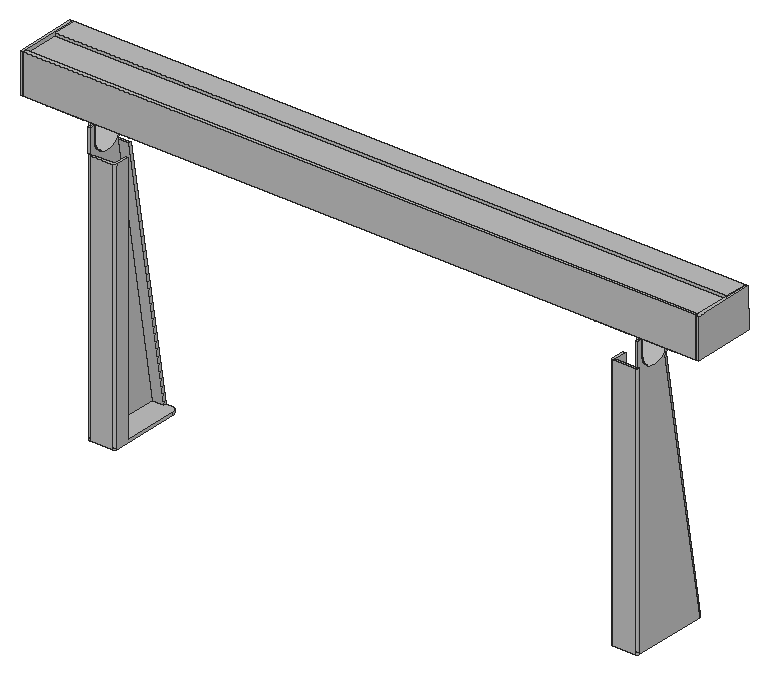
Revit family "4070751+4070747+4070772 Feilo Sylvania Lighting Fixtures CURSUS 591MM 414LM OVAL LED 3K with SINGLE WALL HOUSING with 250MM WALL BRACKET", category Lighting Fixtures, host Face, Revit 2017
Family settings
  Host = Face
  Round Connector Dimension = Use Diameter
  Part Type = Normal
  OmniClass Number = 23.80.70.14
  OmniClass Title = Luminaries for External Lighting
  Cut with Voids When Loaded = Yes
  Light Source = No
  Shared = No
  Room Calculation Point = No
Parameters (values of type "4070751 CURSUS 591MM 414LM OVAL LED 3K")
  Weight = "1.2 kg"
  Wattage Comments = "n/a"
  WarrantyStartDate [instance] = "n/a"
  WarrantyGuarantorParts = "n/a"
  WarrantyDurationUnit = "n/a"
  WarrantyDurationParts = "n/a"
  WarrantyDescription = "n/a"
  Voltage = 24 V
  URL = "http://www.sylvania-lighting.com"
  TypeName = "CURSUS 591MM 414LM OVAL LED 3K"
  TypeFixture_FEILO = CURSUS with SINGLE WALL HOUSING : CURSUS 591MM 414LM OVAL LED 3K
  Type Image = <None>
  Type Comments = "n/a"
  TiltAngle [instance] = 0.00°
  StartAngle [instance] = TiltAngle + 270.00°  # 270.00°
  SerialNumber [instance] = "n/a"
  ReflectorMaterial = none
  PowerFactor = 0
  PowerConsumption = "9 W"
  NominalLength = 591 mm
  NominalHeight = 50 mm
  NominalDepth = 30 mm
  Name = "CURSUS 591MM 414LM OVAL LED 3K"
  ModelReference = Name  # "CURSUS 591MM 414LM OVAL LED 3K"
  ModelNumber = "4070751"
  Model = Name  # "CURSUS 591MM 414LM OVAL LED 3K"
  Material = "natural anodised extruded aluminium structure housing, optical system with pmma lenses diffuser"
  ManufacturerName = "Feilo Sylvania"
  Manufacturer = "Feilo Sylvania"
  LuminousEfficacy = "46 lm/W"
  LuminaireType = ""
  LightOutputRatio = "100"
  LampsType = Lamp  # "LED"
  LampNominalLuminous = "414 lm"
  LampMacAdamStep = "n/a"
  LampColourTemperature = "3000 K"
  LampColourRenderingIndex = "80"
  Lamp = "LED"
  Keynote = "16500"
  InstallationDate [instance] = "n/a"
  InputVoltage = "24V DC"
  InputNominalFrequency = "n/a"
  IngressProtection = "IP67"
  ImpactProtectionIndex = "IK07"
  IfcExportType = "IfcLightFixtureType"
  IfcExportAs = "IfcLightFixtureType"
  ExpectedLife = 50000
  EndAngle [instance] = StartAngle - 180.00°  # 90.00°
  ElectricShockClassification = "Class III"
  DurationUnit = "hours"
  DocumentationLiterature = "http://www.sylvania-lighting.com/product/en-int/products/4070751"
  DimmingControlOptions = "n/a"
  DiffuserMaterial = Diffuser-Sylvania-Glow
  Description = "LED Exterior Lighting Recessed Surface Mounted Linear Fixture, Natural anodised extruded aluminium structure. Die-cast aluminium end caps. Installation kit with harmonic steel springs., 414 lm, 9W, 46lm/W, 3000K, CRI80+,non dimmable,IP67, IK07, (HxWxD) 591x50x30mm, 3 step Mac Adam Ellipse, 1.2kg,, Classe III, 21-25V-DC, energy class : A++, A+, A"
  Default Elevation = 1219.2 mm
  CreatedOn = "1/8/2018"
  CreatedBy = ""
  Cost = 0
  built-in parameter 1114216 [instance] = (empty or 0)
  ClassificationValue = "EF_70_80"
  ClassificationName = "Uniclass2015"
  BracketWidth = 24 mm
  BracketThickness = 2 mm
  BracketHeightEnd = 32 mm
  BracketHeight = 70 mm
  BracketFlange = BracketHeight / 5  # 14 mm
  BracketExtension = 250 mm
  BracketEndReduction = 25 mm
  BracketC = 22 mm  # constant formula
  BracketDistance = 460 mm
  BracketD = BracketHeightEnd - (BracketC * (BracketHeight - BracketHeightEnd) / (BracketExtension - BracketEndReduction))  # 28.284 mm
  BodyMaterial = Body-Sylvania-Gray
  BarCode [instance] = "n/a"
  AssetType = "Fixed"
  AssetIdentifier [instance] = "n/a"
  Assembly Code = "D5020200"
  Apparent Load = 9 VA
  AccessoryMaterial = Diffuser-Sylvania-Glow
Reference planes
  plane 1 "Center (Front/Back)": y = 0
  plane 2: z = 0
  plane 3 "Center (Left/Right)": x = 0
  plane 4: x = -242
  plane 5: x = 242
  plane 6: y = 70
  plane 7: x = -218
  plane 8: x = 218
  plane 9: z = 250
  plane 10: z = 236
  plane 11: z = 2
  plane 12: z = 225
  plane 13: x = -240
  plane 14: y = 68
  plane 15: y = 2
  plane 16: x = -220
  plane 17: x = 220
  plane 18: x = 240
  plane 19: x = -230
  plane 20: x = 230
  plane 21: y = 14
  plane 22: y = 32
  plane 23: y = 30
  plane 24: z = 247
  plane 25: y = 28.284
  plane 26: y = 16
Forms (mm)
  Blend 1, solid, material "Body-Sylvania-Gray" <- "BodyMaterial"
    base sketch origin (1223.4, -4572, 2) x (0, -1, 0) y (1, 0, 0)
      loop
        line (-4640, -1453.4) -> (-4642, -1453.4) -> (-4642, -1463.4)
        arc (-4642, -1463.4) -> (-4641.414, -1464.814) -> (-4640, -1465.4) r 2
        line (-4640, -1465.4) -> (-4574, -1465.4)
        arc (-4574, -1465.4) -> (-4572.586, -1464.814) -> (-4572, -1463.4) r 2
        line (-4572, -1463.4) -> (-4572, -1443.4)
        arc (-4572, -1443.4) -> (-4572.586, -1441.986) -> (-4574, -1441.4) r 2
        line (-4574, -1441.4) -> (-4586, -1441.4) -> (-4586, -1443.4) -> (-4574, -1443.4) -> (-4574, -1463.4) -> (-4640, -1463.4) -> (-4640, -1453.4)
    top sketch origin (1223.4, -4572, 2) x (0, -1, 0) y (1, 0, 0)
      loop
        line (-4586, -1443.4) -> (-4574, -1443.4) -> (-4574, -1463.4) -> (-4602, -1463.4) -> (-4602, -1453.4) -> (-4604, -1453.4) -> (-4604, -1463.4)
        arc (-4604, -1463.4) -> (-4603.52, -1464.71) -> (-4602.309, -1465.4) r 2.028
        line (-4602.309, -1465.4) -> (-4574, -1465.4)
        arc (-4574, -1465.4) -> (-4572.586, -1464.814) -> (-4572, -1463.4) r 2
        line (-4572, -1463.4) -> (-4572, -1443.4)
        arc (-4572, -1443.4) -> (-4572.586, -1441.986) -> (-4574, -1441.4) r 2
        line (-4574, -1441.4) -> (-4586, -1441.4) -> (-4586, -1443.4)
    from 0 to 223
  Extrusion 2, solid, material "Body-Sylvania-Gray" <- "BodyMaterial"
    sketch origin (0, 0, 0) x (1, 0, 0) y (0, 1, 0)
      loop
        arc (-240, 70) -> (-241.414, 69.414) -> (-242, 68) r 2
        line (-242, 68) -> (-242, 2)
        arc (-242, 2) -> (-241.414, 0.586) -> (-240, 0) r 2
        line (-240, 0) -> (-220, 0)
        arc (-220, 0) -> (-218.586, 0.586) -> (-218, 2) r 2
        line (-218, 2) -> (-218, 62.5)
        arc (-218, 62.5) -> (-220.197, 67.803) -> (-225.5, 70) r 7.5
        line (-225.5, 70) -> (-240, 70)
      loop
        line (240, 70) -> (225.5, 70)
        arc (225.5, 70) -> (220.197, 67.803) -> (218, 62.5) r 7.5
        line (218, 62.5) -> (218, 2)
        arc (218, 2) -> (218.586, 0.586) -> (220, 0) r 2
        line (220, 0) -> (240, 0)
        arc (240, 0) -> (241.414, 0.586) -> (242, 2) r 2
        line (242, 2) -> (242, 68)
        arc (242, 68) -> (241.414, 69.414) -> (240, 70) r 2
    from 0 to 2
  Blend 3, solid, material "Body-Sylvania-Gray" <- "BodyMaterial"
    base sketch origin (1223.4, -4572, 2) x (0, -1, 0) y (1, 0, 0)
      loop
        line (-4640, -983.4) -> (-4574, -983.4) -> (-4574, -1003.4) -> (-4586, -1003.4) -> (-4586, -1005.4) -> (-4574, -1005.4)
        arc (-4574, -1005.4) -> (-4572.586, -1004.814) -> (-4572, -1003.4) r 2
        line (-4572, -1003.4) -> (-4572, -983.4)
        arc (-4572, -983.4) -> (-4572.586, -981.986) -> (-4574, -981.4) r 2
        line (-4574, -981.4) -> (-4640, -981.4)
        arc (-4640, -981.4) -> (-4641.414, -981.986) -> (-4642, -983.4) r 2
        line (-4642, -983.4) -> (-4642, -993.4) -> (-4640, -993.4) -> (-4640, -983.4)
    top sketch origin (1223.4, -4572, 2) x (0, -1, 0) y (1, 0, 0)
      loop
        line (-4602, -993.4) -> (-4602, -983.4) -> (-4574, -983.4) -> (-4574, -1003.4) -> (-4586, -1003.4) -> (-4586, -1005.4) -> (-4574, -1005.4)
        arc (-4574, -1005.4) -> (-4572.586, -1004.814) -> (-4572, -1003.4) r 2
        line (-4572, -1003.4) -> (-4572, -983.4)
        arc (-4572, -983.4) -> (-4572.586, -981.986) -> (-4574, -981.4) r 2
        line (-4574, -981.4) -> (-4602, -981.4)
        arc (-4602, -981.4) -> (-4603.414, -981.986) -> (-4604, -983.4) r 2
        line (-4604, -983.4) -> (-4604, -993.4) -> (-4602, -993.4)
    from 0 to 223
  Blend 4, solid, material "Body-Sylvania-Gray" <- "BodyMaterial"
    base sketch origin (1223.4, -4572, 225) x (0, -1, 0) y (1, 0, 0)
      loop
        line (-4604, -1465.4) -> (-4572, -1465.4) -> (-4572, -1463.4) -> (-4604, -1463.4) -> (-4604, -1465.4)
    top sketch origin (1223.4, -4572, 225) x (0, -1, 0) y (1, 0, 0)
      loop
        line (-4572, -1465.4) -> (-4572, -1463.4) -> (-4600.284, -1463.4) -> (-4600.284, -1465.4) -> (-4572, -1465.4)
    from 0 to 22
  Blend 5, solid, material "Body-Sylvania-Gray" <- "BodyMaterial"
    base sketch origin (1223.4, -4572, 225) x (0, -1, 0) y (1, 0, 0)
      loop
        line (-4604, -983.4) -> (-4572, -983.4) -> (-4572, -981.4) -> (-4604, -981.4) -> (-4604, -983.4)
    top sketch origin (1223.4, -4572, 225) x (0, -1, 0) y (1, 0, 0)
      loop
        line (-4572, -981.4) -> (-4600.284, -981.4) -> (-4600.284, -983.4) -> (-4572, -983.4) -> (-4572, -981.4)
    from 0 to 22
  Extrusion 6, void
    sketch origin (0, 0, 0) x (0, 1, 0) y (0, 0, 1)
      loop
        line (0, 225) -> (2, 225) -> (2, 226.5) -> (0, 226.5) -> (0, 225)
      loop
        line (32, 225) -> (32, 226.5) -> (30, 226.5) -> (30, 225) -> (32, 225)
    from -242 to 242
  Revolve 7, solid, not visible
    sketch origin (1524, 16, 1219.2) x (1, 0, 0) y (0, 0, 1)
      loop
        line (-1524, -972.2) -> (-1524, -983.2) -> (-1294, -983.2) -> (-1294, -972.2) -> (-1524, -972.2)
      axis (-1294, -983.2) -> (-1524, -983.2)
    angle from 270 <- "StartAngle" to 90 <- "EndAngle"
Cuts and joins
  Extrusion 6 cuts Blend 4
  Extrusion 6 cuts Blend 5
  joined: Blend 1, Extrusion 2, Blend 3, Blend 4, Blend 5
Lines and regions (mm)
  reference lines, not visible
    curve 1: line (-218, 16, 236) -> (218, 16, 236)
Dimensions and locks
  equal spacing: plane 4, plane 3 "Center (Left/Right)", plane 5
  "BracketDistance": plane 19 to plane 20
  "BracketHeight": plane 1 "Center (Front/Back)" to plane 6
  equal spacing: plane 7, plane 3 "Center (Left/Right)", plane 8
  "BracketWidth": plane 4 to plane 7
  "BracketExtension": plane 9 to plane 2
  "BracketThickness": plane 11 to plane 2
  "BracketEndReduction": plane 9 to plane 12
  equal spacing: plane 13, plane 3 "Center (Left/Right)", plane 18
  equal spacing: plane 16, plane 3 "Center (Left/Right)", plane 17
  "BracketThickness": plane 4 to plane 13
  "BracketThickness": plane 16 to plane 7
  "BracketThickness": plane 14 to plane 6
  "BracketThickness": plane 1 "Center (Front/Back)" to plane 15
  equal spacing: plane 4, plane 19, plane 7
  equal spacing: plane 8, plane 20, plane 5
  "BracketFlange": plane 1 "Center (Front/Back)" to plane 21
  "BracketHeightEnd": plane 1 "Center (Front/Back)" to plane 22
  "BracketThickness": plane 23 to plane 22
  locked: Extrusion 2 sketch curve to plane 7 at 7.5
  locked: Extrusion 2 sketch curve to plane 6 at 7.5  (x2)
  locked: plane 8 to Extrusion 2 sketch curve at 7.5
  "BracketC": plane 24 to plane 12
  "BracketD": plane 1 "Center (Front/Back)" to plane 25
  locked: plane 12 to Extrusion 6 sketch curve at 1.5
  equal spacing: plane 24, plane 10, plane 12
  equal spacing: plane 1 "Center (Front/Back)", plane 26, plane 22
  aligned and locked: plane 2 to host face
  aligned and locked: level to host face
  aligned and locked: plane 4 to Blend 1 sketch curve  (x2)
  aligned and locked: plane 13 to Blend 1 sketch curve  (x3)
  aligned and locked: Blend 1 sketch curve to plane 15
  aligned and locked: Blend 1 sketch curve to plane 16
  aligned and locked: Blend 1 sketch curve to plane 21
  aligned and locked: plane 7 to Blend 1 sketch curve
  aligned and locked: plane 16 to Blend 1 sketch curve
  aligned and locked: plane 1 "Center (Front/Back)" to Blend 1 sketch curve
  aligned and locked: plane 14 to Blend 1 sketch curve
  aligned and locked: Blend 1 sketch curve to var sketch  (x6)
  aligned and locked: Blend 1 sketch curve to plane 19
  aligned and locked: Blend 1 sketch curve to plane 22
  aligned and locked: plane 23 to Blend 1 sketch curve
  aligned and locked: plane 11 to Blend 1
  aligned and locked: Extrusion 2 sketch curve to Blend 1  (x3)
  aligned and locked: Extrusion 2 to level
  aligned and locked: Extrusion 2 to plane 11
  aligned and locked: Extrusion 2 sketch curve to plane 7
  aligned and locked: plane 18 to Blend 3 sketch curve  (x4)
  aligned and locked: plane 14 to Blend 3 sketch curve  (x2)
  aligned and locked: Blend 3 sketch curve to plane 20
  aligned and locked: Blend 3 sketch curve to plane 6
  aligned and locked: plane 5 to Blend 3 sketch curve
  aligned and locked: plane 1 "Center (Front/Back)" to Blend 3 sketch curve
  aligned and locked: plane 15 to Blend 3 sketch curve  (x2)
  aligned and locked: Blend 3 sketch curve to plane 8
  aligned and locked: Blend 3 sketch curve to plane 21
  aligned and locked: plane 17 to Blend 3 sketch curve
  aligned and locked: Blend 3 sketch curve to plane 18
  aligned and locked: plane 20 to Blend 3 sketch curve  (x2)
  aligned and locked: Blend 3 sketch curve to plane 23
  aligned and locked: Blend 3 sketch curve to var sketch  (x8)
  aligned and locked: var sketch to Blend 3 sketch curve
  aligned and locked: plane 22 to Blend 3 sketch curve
  aligned and locked: plane 11 to Blend 3
  aligned and locked: Extrusion 2 sketch curve to Blend 3  (x4)
  aligned and locked: Blend 1 to plane 12
  aligned and locked: Blend 3 to plane 12
  aligned and locked: Blend 4 sketch curve to plane 22
  aligned and locked: Blend 4 sketch curve to cut or joined group of Blend 1, Extrusion 2, Blend 3, Blend 4, Blend 5, Extrusion 6  (x2)
  aligned and locked: cut or joined group of Blend 1, Extrusion 2, Blend 3, Blend 4, Blend 5, Extrusion 6 to Blend 4 sketch curve
  aligned and locked: Blend 4 sketch curve to var sketch  (x2)
  aligned and locked: Blend 4 sketch curve to plane 13
  aligned and locked: Blend 4 to plane 24
  aligned and locked: Blend 4 sketch curve to plane 25
  aligned and locked: Blend 5 sketch curve to plane 18  (x2)
  aligned and locked: plane 1 "Center (Front/Back)" to Blend 5 sketch curve
  aligned and locked: plane 5 to Blend 5 sketch curve
  aligned and locked: plane 22 to Blend 5 sketch curve
  aligned and locked: Blend 5 sketch curve to var sketch
  aligned and locked: var sketch to Blend 5 sketch curve
  aligned and locked: Blend 5 sketch curve to plane 25
  aligned and locked: Blend 5 to plane 24
  aligned and locked: plane 12 to Blend 5
  aligned and locked: Extrusion 6 sketch curve to cut or joined group of Blend 1, Extrusion 2, Blend 3, Blend 4, Blend 5, Extrusion 6  (x2)
  aligned and locked: Extrusion 6 sketch curve to Extrusion 6 sketch curve
  aligned and locked: Extrusion 6 sketch curve to plane 15
  aligned and locked: plane 5 to Extrusion 6
  aligned and locked: Extrusion 6 to plane 4
  aligned and locked: Extrusion 6 sketch curve to plane 23
  aligned and locked: Revolve 7 sketch curve to plane 10  (x2)
  aligned and locked: plane 24 to Revolve 7 sketch curve
  aligned and locked: plane 3 "Center (Left/Right)" to Revolve 7 sketch curve
  aligned and locked: Revolve 7 sketch curve to plane 20
  aligned and locked: plane 7 to curve 1
  aligned and locked: plane 10 to curve 1
  aligned and locked: nested 1 to plane 5
  aligned and locked: nested 2 to plane 4
  aligned and locked: nested 1 to curve 1
  aligned and locked: nested 2 to curve 1
  aligned and locked: nested 1 to nested 3
  aligned and locked: nested 3 to plane 3 "Center (Left/Right)"
Automatic sketch dimensions
  host sketch curve to host sketch curve = 2438.4 mm  (x2)
  Blend 1 sketch curve to plane 13 = 0 mm
  plane 15 to Blend 1 sketch curve = 0 mm  (x3)
  Blend 1 sketch curve to plane 23 = 0.309 mm
  plane 6 to Blend 1 sketch curve = 0 mm
  plane 14 to Blend 1 sketch curve = 0 mm
  Blend 1 sketch curve to plane 19 = 0 mm
  Blend 3 sketch curve to plane 17 = 0 mm
  Extrusion 6 sketch curve to plane 1 "Center (Front/Back)" = 0 mm
  plane 12 to Extrusion 6 sketch curve = 0 mm
  Revolve 7 sketch curve to plane 4 = 1153 mm
  plane 5 to Revolve 7 sketch curve = 1161.4 mm
  curve 1 to plane 8 = 0 mm
Nested families
  nested 1: "MountingPlate" at (241, 16, 236) x (-1, 0, 0) z (0, 0, 1), type "MountingPlate"
  nested 2: "MountingPlate" at (-241, 16, 236) x (-1, 0, 0) z (0, 0, 1), type "MountingPlate"
  nested 3: "CURSUS with SINGLE WALL HOUSING" at (0, -4, 254) x (-1, 0, 0) z (0, 0, 1), type <- "TypeFixture_FEILO", type "CURSUS 591MM 414LM OVAL LED 3K"
    with WarrantyStartDate "n/a", SerialNumber "n/a", InstallationDate "n/a", EndCapRight yes, EndCapLeft yes, built-in parameter 1114216 (empty or 0), BarCode "n/a", AssetIdentifier "n/a"
Connectors
  electrical at (0, 0, 0), driven by "Voltage", driven by "Apparent Load", driven by "PowerFactor"
    settings: index 1, voltage 24 V, apparent load 9 VA, apparent load phase1 0 VA, apparent load phase2 0 VA, apparent load phase3 0 VA, power factor 0, load classification "Other", number of poles 1, system type 30, power factor state 1, is connector primary yes, connector utility no, sub classification motor no, connector description ""
Definition of nested family "MountingPlate"
  Parameters (values of type "MountingPlate")
    URL = "http://www.feilosylvania.com"
    Type Comments = "n/a"
    ReflectorMaterial = none
    MountingPlateWidth = 76 mm
    MountingPlateThickness = 2 mm
    MountingPlateRadiusBack = 12 mm
    MountingPlateRadius = 3 mm
    MountingPlateHeight = 35 mm
    Model = "n/a"
    Manufacturer = "Feilo Sylvania"
    Keynote = "n/a"
    DiffuserMaterial = none
    Description = "n/a"
    Default Elevation = 1219.2 mm
    Cost = 0
    BodyMaterial = none
    Assembly Code = "n/a"
    AccessoryMaterial = none
  Reference planes
    plane 1 "Center (Front/Back)": y = 0
    plane 2: z = 0
    plane 3 "Center (Left/Right)": x = 0
    plane 4: x = -38
    plane 5: x = 38
    plane 6: y = 17.5
    plane 7: y = -17.5
    plane 8: x = -3
    plane 9: x = 3
    plane 10: z = 18
    plane 11: z = 16
    plane 12: y = 12.5
    plane 13: y = -12.5
    plane 14: x = -1
    plane 15: x = 1
    plane 16: z = -12.5
    plane 17: z = -14.5
  Forms (mm)
    Extrusion 1, solid
      sketch origin (1.653, 0, 0) x (1, 0, 0) y (0, 1, 0)
        loop
          line (-1219.2, 1219.2) -> (-1219.2, -1219.2) -> (1219.2, -1219.2) -> (1219.2, 1219.2) -> (-1219.2, 1219.2)
      from 0 to -304.8
    Extrusion 2, solid, material <- "BodyMaterial"
      sketch origin (1218.4, -4572, 16) x (0, -1, 0) y (-1, 0, 0)
        loop
          line (-4589.5, 1253.4) -> (-4589.5, 1224.4)
          arc (-4589.5, 1224.4) -> (-4588.621, 1222.279) -> (-4586.5, 1221.4) r 3
          line (-4586.5, 1221.4) -> (-4557.5, 1221.4)
          arc (-4557.5, 1221.4) -> (-4555.379, 1222.279) -> (-4554.5, 1224.4) r 3
          line (-4554.5, 1224.4) -> (-4554.5, 1253.4)
          arc (-4554.5, 1253.4) -> (-4555.379, 1255.521) -> (-4557.5, 1256.4) r 3
          line (-4557.5, 1256.4) -> (-4586.5, 1256.4)
          arc (-4586.5, 1256.4) -> (-4588.621, 1255.521) -> (-4589.5, 1253.4) r 3
        loop
          arc (-4589.5, 1183.4) -> (-4588.621, 1181.279) -> (-4586.5, 1180.4) r 3
          line (-4586.5, 1180.4) -> (-4557.5, 1180.4)
          arc (-4557.5, 1180.4) -> (-4555.379, 1181.279) -> (-4554.5, 1183.4) r 3
          line (-4554.5, 1183.4) -> (-4554.5, 1212.4)
          arc (-4554.5, 1212.4) -> (-4555.379, 1214.521) -> (-4557.5, 1215.4) r 3
          line (-4557.5, 1215.4) -> (-4586.5, 1215.4)
          arc (-4586.5, 1215.4) -> (-4588.621, 1214.521) -> (-4589.5, 1212.4) r 3
          line (-4589.5, 1212.4) -> (-4589.5, 1183.4)
      from 0 to -2
    Extrusion 3, solid, material <- "BodyMaterial"
      sketch origin (0, 0, 0) x (1, 0, 0) y (0, 0, 1)
        loop
          line (-3, 18) -> (-3, -12.5) -> (-1, -12.5) -> (-1, 16)
          arc (-1, 16) -> (-1.586, 17.414) -> (-3, 18) r 2
        loop
          line (3, -12.5) -> (3, 18)
          arc (3, 18) -> (1.586, 17.414) -> (1, 16) r 2
          line (1, 16) -> (1, -12.5) -> (3, -12.5)
      from -12.5 to 12.5
    Extrusion 4, void
      sketch origin (0, 0, 0) x (0, 1, 0) y (0, 0, 1)
        loop
          line (-12.5, -0.5) -> (-17.5, -0.5) -> (-17.5, -14.5) -> (-0.5, -14.5) -> (-0.5, -12.5)
          arc (-0.5, -12.5) -> (-8.985, -8.985) -> (-12.5, -0.5) r 12
        loop
          line (0.5, -12.5) -> (0.5, -14.5) -> (17.5, -14.5) -> (17.5, -0.5) -> (12.5, -0.5)
          arc (12.5, -0.5) -> (8.985, -8.985) -> (0.5, -12.5) r 12
      from -3 to 3
  Cuts and joins
    Extrusion 4 cuts Extrusion 2
    Extrusion 4 cuts Extrusion 3
    joined: Extrusion 2, Extrusion 3
  Lines and regions (mm)
    reference lines
      curve 1: line (-38, 0, 0) -> (38, 0, 0)
  Dimensions and locks
    equal spacing: plane 4, plane 3 "Center (Left/Right)", plane 5
    "MountingPlateWidth": plane 4 to plane 5
    equal spacing: plane 7, plane 1 "Center (Front/Back)", plane 6
    "MountingPlateHeight": plane 7 to plane 6
    equal spacing: plane 8, plane 3 "Center (Left/Right)", plane 9
    "MountingPlateHeight": plane 4 to plane 8
    locked: plane 10 to plane 2 at 18
    "MountingPlateThickness": plane 10 to plane 11
    equal spacing: plane 13, plane 1 "Center (Front/Back)", plane 12
    locked: plane 13 to plane 12 at 25
    "MountingPlateRadius": plane 4 to Extrusion 2 sketch curve  (x2)
    "MountingPlateRadius": Extrusion 2 sketch curve to plane 6  (x4)
    "MountingPlateRadius": Extrusion 2 sketch curve to plane 8  (x2)
    "MountingPlateRadius": plane 7 to Extrusion 2 sketch curve  (x4)
    "MountingPlateRadius": plane 9 to Extrusion 2 sketch curve  (x2)
    "MountingPlateRadius": Extrusion 2 sketch curve to plane 5  (x2)
    equal spacing: plane 15, plane 3 "Center (Left/Right)", plane 14
    "MountingPlateThickness": plane 14 to plane 8
    locked: plane 2 to plane 16 at 12.5
    locked: plane 17 to plane 16 at 2
    "MountingPlateRadiusBack": plane 13 to Extrusion 4 sketch curve
    "MountingPlateRadiusBack": plane 16 to Extrusion 4 sketch curve  (x2)
    "MountingPlateRadiusBack": Extrusion 4 sketch curve to plane 12
    aligned and locked: plane 2 to Extrusion 1
    aligned and locked: level to Extrusion 1
    aligned and locked: Extrusion 2 sketch curve to plane 6
    aligned and locked: Extrusion 2 sketch curve to plane 4
    aligned and locked: plane 7 to Extrusion 2 sketch curve
    aligned and locked: plane 8 to Extrusion 2 sketch curve
    aligned and locked: plane 6 to Extrusion 2 sketch curve
    aligned and locked: Extrusion 2 sketch curve to plane 5
    aligned and locked: Extrusion 2 sketch curve to plane 7
    aligned and locked: plane 9 to Extrusion 2 sketch curve
    aligned and locked: Extrusion 2 to plane 10
    aligned and locked: plane 11 to Extrusion 2
    aligned and locked: Extrusion 3 sketch curve to Extrusion 2  (x2)
    aligned and locked: plane 16 to Extrusion 3 sketch curve  (x2)
    aligned and locked: plane 14 to Extrusion 3 sketch curve
    aligned and locked: plane 9 to Extrusion 3 sketch curve
    aligned and locked: plane 15 to Extrusion 3 sketch curve
    aligned and locked: Extrusion 3 to plane 12
    aligned and locked: plane 13 to Extrusion 3
    aligned and locked: plane 17 to Extrusion 4 sketch curve  (x2)
    aligned and locked: Extrusion 4 sketch curve to plane 7
    aligned and locked: Extrusion 4 sketch curve to plane 6
    aligned and locked: plane 9 to Extrusion 4
    aligned and locked: Extrusion 4 to plane 8
    aligned and locked: plane 4 to curve 1
    aligned and locked: curve 1 to level
  Automatic sketch dimensions
    Extrusion 1 sketch curve to Extrusion 1 sketch curve = 2438.4 mm  (x2)
    Extrusion 3 sketch curve to plane 11 = 0 mm
    curve 1 to plane 5 = 0 mm
    Extrusion 4 sketch curve to plane 13 = 0 mm
    Extrusion 4 sketch curve to plane 12 = 0 mm
Definition of nested family "CURSUS with SINGLE WALL HOUSING"
  Parameters (values of type "CURSUS 1161MM 827LM OVAL LED 3K")
    Width_FEILO = 35 mm
    Weight = "2.2 kg"
    Wattage Comments = "n/a"
    Wattage = 18 W
    WarrantyStartDate [instance] = "n/a"
    WarrantyGuarantorParts = "n/a"
    WarrantyDurationUnit = "n/a"
    WarrantyDurationParts = "n/a"
    WarrantyDescription = "n/a"
    WallThickness_FEILO = 2.5 mm
    built-in parameter 1150110 = 1 (stored number, unit not read)
    Voltage = 24 V
    URL = "http://www.feilosylvania.com"
    TypeName = "CURSUS 1161MM 827LM OVAL LED 3K"
    Type Image = (empty or 0)
    Type Comments = "n/a"
    built-in parameter 1114217 = 1 (stored number, unit not read)
    Tilt Angle = -90.00°
    built-in parameter 1150109 = 1 (stored number, unit not read)
    built-in parameter 1150134 = (empty or 0)
    built-in parameter 1150113 = 1 (stored number, unit not read)
    SerialNumber [instance] = "n/a"
    ReflectorMaterial = none
    PowerFactor = 0
    PowerConsumption = "18 W"
    Photometric Web File = "4070765.ies"
    NominalLength = 1161 mm
    NominalHeight = 50 mm
    NominalDepth = 30 mm
    Name = "CURSUS 1161MM 827LM OVAL LED 3K"
    ModelReference = Name  # "CURSUS 1161MM 827LM OVAL LED 3K"
    ModelNumber = ""
    Model = Name  # "CURSUS 1161MM 827LM OVAL LED 3K"
    Material = "natural anodised extruded aluminium structure housing, optical system with pmma lenses diffuser"
    ManufacturerName = "Feilo Sylvania"
    Manufacturer = "Feilo Sylvania"
    LuminousEfficacy = "45.94 lm/W"
    built-in parameter 1150105 = 1166.5 (stored number, unit not read)
    Lumens = 827 lm
    LuminaireType = ""
    built-in parameter 1150115 = 1 (stored number, unit not read)
    LightOutputRatio = "100"
    built-in parameter 1150137 = (empty or 0)
    built-in parameter 1150139 = (empty or 0)
    Length_FEILO = 1167 mm
    LampsType = Lamp  # "LED"
    LampNominalLuminous = "827 lm"
    LampMacAdamStep = "n/a"
    LampColourTemperature = "3000 K"
    LampColourRenderingIndex = "80"
    built-in parameter 1150112 = 1 (stored number, unit not read)
    built-in parameter 1150114 = 1 (stored number, unit not read)
    Lamp = "LED"
    Keynote = "16500"
    InstallationDate [instance] = "n/a"
    InputVoltage = "24V DC"
    InputNominalFrequency = "n/a"
    built-in parameter 1150132 = (empty or 0)
    built-in parameter 1150102 = (empty or 0)
    built-in parameter 1150107 = 3000 (stored number, unit not read)
    built-in parameter 1150138 = (empty or 0)
    IngressProtection = "IP67"
    ImpactProtectionIndex = "IK07"
    built-in parameter 1150106 = 11.665 (stored number, unit not read)
    IfcExportType = "IfcLightFixtureType"
    IfcExportAs = "IfcLightFixtureType"
    ExpectedLife = 50000
    EndCapRight [instance] = yes
    EndCapLeft [instance] = yes
    Emit from Rectangle Width = Width_FEILO - WallThickness_FEILO * 2  # 30 mm
    Emit from Rectangle Length = Length_FEILO - WallThickness_FEILO * 2  # 1162 mm
    Emit Shape Visible in Rendering = no
    ElectricShockClassification = "Class III"
    built-in parameter 1150104 = 4.2684 (stored number, unit not read)
    DurationUnit = "hours"
    DocumentationLiterature = "http://www.feilosylvania.com/product/en-int/products/4070765"
    DimmingControlOptions = "n/a"
    Dimming Lamp Color Temperature Shift = (empty or 0)
    DiffuserMaterial = none
    Description = "LED Exterior Lighting Recessed Surface Mounted Linear Fixture, Natural anodised extruded aluminium structure. Die-cast aluminium end caps. Installation kit with harmonic steel springs., 827 lm, 18W, 45lm/W, 3000K, CRI80+,non dimmable,IP67, IK07, (HxWxD) 1161x50x30mm, 3 step Mac Adam Ellipse, 2.2kg,, Classe III, 21-25V-DC, energy class : A++, A+, A"
    Default Elevation = 1219.2 mm
    CreatedOn = "1/8/2018"
    CreatedBy = "aron.fodor@feilosylvania.com"
    Cost = 0
    Color Filter = 16777215
    built-in parameter 1114216 [instance] = (empty or 0)
    ClassificationValue = "EF_70_80"
    ClassificationName = "Uniclass2015"
    BodyMaterial = none
    BarCode [instance] = "n/a"
    built-in parameter 1114218 = 1 (stored number, unit not read)
    built-in parameter 1150133 = 10 (stored number, unit not read)
    AssetType = "Fixed"
    AssetIdentifier [instance] = "n/a"
    Assembly Code = "D5020200"
    Apparent Load = 18 VA
    AccessoryMaterial = none
  Types (16, lengths in mm): name | Weight | Wattage | Voltage | TypeName | built-in parameter 1150134 | PowerConsumption | Photometric Web File | NominalLength | Name | ModelReference | Model | Material | LuminousEfficacy | built-in parameter 1150105 | Lumens | Length_FEILO | LampNominalLuminous | LampColourTemperature | InputVoltage | InputNominalFrequency | built-in parameter 1150107 | built-in parameter 1150106 | Emit from Rectangle Length | built-in parameter 1150104 | DocumentationLiterature | Description | Apparent Load
    CURSUS 1161MM 827LM OVAL LED 3K | "2.2 kg" | 18 W | 24 V | "CURSUS 1161MM 827LM OVAL LED 3K" | (empty or 0) | "18 W" | "4070765.ies" | 1161 | "CURSUS 1161MM 827LM OVAL LED 3K" | "CURSUS 1161MM 827LM OVAL LED 3K" | "CURSUS 1161MM 827LM OVAL LED 3K" | "natural anodised extruded aluminium structure housing, optical system with pmma lenses diffuser" | "45.94 lm/W" | 1166.5 (stored number, unit not read) | 827 lm | 1167 | "827 lm" | "3000 K" | "24V DC" | "n/a" | 3000 (stored number, unit not read) | 11.665 (stored number, unit not read) | 1162 | 4.2684 (stored number, unit not read) | "http://www.feilosylvania.com/product/en-int/products/4070765" | "LED Exterior Lighting Recessed Surface Mounted Linear Fixture, Natural anodised extruded aluminium structure. Die-cast aluminium end caps. Installation kit with harmonic steel springs., 827 lm, 18W, 45lm/W, 3000K, CRI80+,non dimmable,IP67, IK07, (HxWxD) 1161x50x30mm, 3 step Mac Adam Ellipse, 2.2kg,, Classe III, 21-25V-DC, energy class : A++, A+, A" | 18 VA
    CURSUS 1161MM 731LM WIDE LED 3K | "2.2 kg" | 18 W | 230 V | "CURSUS 1161MM 731LM WIDE LED 3K" | (empty or 0) | "18 W" | "4070764.ies" | 1161 | "CURSUS 1161MM 731LM WIDE LED 3K" | "CURSUS 1161MM 731LM WIDE LED 3K" | "CURSUS 1161MM 731LM WIDE LED 3K" | "natural anodised extruded aluminium structure housing" | "40.61 lm/W" | 403.47 (stored number, unit not read) | 731 lm | 1167 | "731 lm" | "3000 K" | "220-240V~" | "n/a" | 3000 (stored number, unit not read) | 4.0347 (stored number, unit not read) | 1162 | 3.7729 (stored number, unit not read) | "http://www.feilosylvania.com/product/en-int/products/4070764" | "LED Exterior Lighting Recessed Surface Mounted Linear Fixture, Natural anodised extruded aluminium structure. Die-cast aluminium end caps. Installation kit with harmonic steel springs., 731 lm, 18W, 40lm/W, 3000K, CRI80+,non dimmable,IP67, IK07, (HxWxD) 1161x50x30mm, 3 step Mac Adam Ellipse, 2.2kg,, Classe III, 21-25V-DC, energy class : A++, A+, A" | 18 VA
    CURSUS 1161MM 871LM OVAL LED 4K | "2.2 kg" | 18 W | 24 V | "CURSUS 1161MM 871LM OVAL LED 4K" | 12 | "18 W" | "4070763.ies" | 1161 | "CURSUS 1161MM 871LM OVAL LED 4K" | "CURSUS 1161MM 871LM OVAL LED 4K" | "CURSUS 1161MM 871LM OVAL LED 4K" | "natural anodised extruded aluminium structure housing, optical system with pmma lenses diffuser" | "48.38 lm/W" | 1192.8 (stored number, unit not read) | 871 lm | 1167 | "871 lm" | "4000 K" | "24V DC" | "50/60 Hz" | 4000 (stored number, unit not read) | 11.928 (stored number, unit not read) | 1162 | 4.4955 (stored number, unit not read) | "http://www.feilosylvania.com/product/en-int/products/4070763" | "LED Exterior Lighting Recessed Surface Mounted Linear Fixture, Natural anodised extruded aluminium structure. Die-cast aluminium end caps. Installation kit with harmonic steel springs., 871 lm, 18W,  48lm/W, 4000K, CRI80+,non dimmable,IP67, IK07, (HxWxD) 1161x50x30mm, 3 step Mac Adam Ellipse, 2.2kg,, Classe III, 21-25V-DC, energy class : A++, A+, A" | 18 VA
    CURSUS 1161MM 770LM WIDE LED 4K | "2.2 kg" | 18 W | 230 V | "CURSUS 1161MM 770LM WIDE LED 4K" | 12 | "18 W" | "4070762.ies" | 1161 | "CURSUS 1161MM 770LM WIDE LED 4K" | "CURSUS 1161MM 770LM WIDE LED 4K" | "CURSUS 1161MM 770LM WIDE LED 4K" | "natural anodised extruded aluminium structure housing" | "42.77 lm/W" | 424.94 (stored number, unit not read) | 770 lm | 1167 | "770 lm" | "4000 K" | "220-240V~" | "n/a" | 4000 (stored number, unit not read) | 4.2494 (stored number, unit not read) | 1162 | 3.9742 (stored number, unit not read) | "http://www.feilosylvania.com/product/en-int/products/4070762" | "LED Exterior Lighting Recessed Surface Mounted Linear Fixture, Natural anodised extruded aluminium structure. Die-cast aluminium end caps. Installation kit with harmonic steel springs., 770 lm, 18W,  42lm/W, 4000K, CRI80+,non dimmable,IP67, IK07, (HxWxD) 1161x50x30mm, 3 step Mac Adam Ellipse, 2.2kg,, Classe III, 21-25V-DC, energy class : A++, A+, A" | 18 VA
    CURSUS 876MM 620LM OVAL LED 3K | "1.7 kg" | 13.5 W | 24 V | "CURSUS 876MM 620LM OVAL LED 3K" | (empty or 0) | "13.5 W" | "4070758.ies" | 876 | "CURSUS 876MM 620LM OVAL LED 3K" | "CURSUS 876MM 620LM OVAL LED 3K" | "CURSUS 876MM 620LM OVAL LED 3K" | "natural anodised extruded aluminium structure housing, optical system with pmma lenses diffuser" | "45.92 lm/W" | 874.55 (stored number, unit not read) | 620 lm | 882 | "620 lm" | "3000 K" | "24V DC" | "50/60 Hz" | 3000 (stored number, unit not read) | 8.7455 (stored number, unit not read) | 877 | 4.2667 (stored number, unit not read) | "http://www.feilosylvania.com/product/en-int/products/4070758" | "LED Exterior Lighting Recessed Surface Mounted Linear Fixture, Natural anodised extruded aluminium structure. Die-cast aluminium end caps. Installation kit with harmonic steel springs., 620 lm, 13,5W, 45lm/W, 3000K, CRI80+,non dimmable,IP67, IK07, (HxWxD) 876x50x30mm, 3 step Mac Adam Ellipse, 1.7kg,, Classe III, 21-25V-DC, energy class : A++, A+, A" | 13.5 VA
    CURSUS 876MM 548LM WIDE LED 3K | "1.7 kg" | 13.5 W | 24 V | "CURSUS 876MM 548LM WIDE LED 3K" | (empty or 0) | "13.5 W" | "4070757.ies" | 876 | "CURSUS 876MM 548LM WIDE LED 3K" | "CURSUS 876MM 548LM WIDE LED 3K" | "CURSUS 876MM 548LM WIDE LED 3K" | "natural anodised extruded aluminium structure housing" | "40.59 lm/W" | 302.47 (stored number, unit not read) | 548 lm | 882 | "548 lm" | "3000 K" | "24V DC" | "n/a" | 3000 (stored number, unit not read) | 3.0247 (stored number, unit not read) | 877 | 3.7712 (stored number, unit not read) | "http://www.feilosylvania.com/product/en-int/products/4070757" | "LED Exterior Lighting Recessed Surface Mounted Linear Fixture, Natural anodised extruded aluminium structure. Die-cast aluminium end caps. Installation kit with harmonic steel springs., 548 lm, 13,5W, 40lm/W, 3000K, CRI80+,non dimmable,IP67, IK07, (HxWxD) 876x50x30mm, 3 step Mac Adam Ellipse, 1.7kg,, Classe III, 21-25V-DC, energy class : A++, A+, A" | 13.5 VA
    CURSUS 876MM 653LM OVAL LED 4K | "1.7 kg" | 13.5 W | 24 V | "CURSUS 876MM 653LM OVAL LED 4K" | 12 | "13.5 W" | "4070756.ies" | 876 | "CURSUS 876MM 653LM OVAL LED 4K" | "CURSUS 876MM 653LM OVAL LED 4K" | "CURSUS 876MM 653LM OVAL LED 4K" | "natural anodised extruded aluminium structure housing, optical system with pmma lenses diffuser" | "48.37 lm/W" | 894.28 (stored number, unit not read) | 653 lm | 882 | "653 lm" | "4000 K" | "24V DC" | "n/a" | 4000 (stored number, unit not read) | 8.9428 (stored number, unit not read) | 877 | 4.4938 (stored number, unit not read) | "http://www.feilosylvania.com/product/en-int/products/4070756" | "LED Exterior Lighting Recessed Surface Mounted Linear Fixture, Natural anodised extruded aluminium structure. Die-cast aluminium end caps. Installation kit with harmonic steel springs., 653 lm, 13,5W,  48lm/W, 4000K, CRI80+,non dimmable,IP67, IK07, (HxWxD) 876x50x30mm, 3 step Mac Adam Ellipse, 1.7kg,, Classe III, 21-25V-DC, energy class : A++, A+, A" | 13.5 VA
    CURSUS 876MM 577LM WIDE LED 4K | "1.7 kg" | 13.5 W | 24 V | "CURSUS 876MM 577LM WIDE LED 4K" | 12 | "13.5 W" | "4070755.ies" | 876 | "CURSUS 876MM 577LM WIDE LED 4K" | "CURSUS 876MM 577LM WIDE LED 4K" | "CURSUS 876MM 577LM WIDE LED 4K" | "natural anodised extruded aluminium structure housing" | "42.74 lm/W" | 318.43 (stored number, unit not read) | 577 lm | 882 | "577 lm" | "4000 K" | "24V DC" | "n/a" | 4000 (stored number, unit not read) | 3.1843 (stored number, unit not read) | 877 | 3.9707 (stored number, unit not read) | "http://www.feilosylvania.com/product/en-int/products/4070755" | "LED Exterior Lighting Recessed Surface Mounted Linear Fixture, Natural anodised extruded aluminium structure. Die-cast aluminium end caps. Installation kit with harmonic steel springs., 577 lm, 13,5W,  42lm/W, 4000K, CRI80+,non dimmable,IP67, IK07, (HxWxD) 876x50x30mm, 3 step Mac Adam Ellipse, 1.7kg,, Classe III, 21-25V-DC, energy class : A++, A+, A" | 13.5 VA
    CURSUS 591MM 414LM OVAL LED 3K | "1.2 kg" | 9 W | 24 V | "CURSUS 591MM 414LM OVAL LED 3K" | (empty or 0) | "9 W" | "4070751.ies" | 591 | "CURSUS 591MM 414LM OVAL LED 3K" | "CURSUS 591MM 414LM OVAL LED 3K" | "CURSUS 591MM 414LM OVAL LED 3K" | "natural anodised extruded aluminium structure housing, optical system with pmma lenses diffuser" | "46 lm/W" | 583.97 (stored number, unit not read) | 414 lm | 597 | "414 lm" | "3000 K" | "24V DC" | "n/a" | 3000 (stored number, unit not read) | 5.8397 (stored number, unit not read) | 592 | 4.2735 (stored number, unit not read) | "http://www.feilosylvania.com/product/en-int/products/4070751" | "LED Exterior Lighting Recessed Surface Mounted Linear Fixture, Natural anodised extruded aluminium structure. Die-cast aluminium end caps. Installation kit with harmonic steel springs., 414 lm, 9W, 46lm/W, 3000K, CRI80+,non dimmable,IP67, IK07, (HxWxD) 591x50x30mm, 3 step Mac Adam Ellipse, 1.2kg,, Classe III, 21-25V-DC, energy class : A++, A+, A" | 9 VA
    CURSUS 591MM 365LM WIDE LED 3K | "1.2 kg" | 9 W | 24 V | "CURSUS 591MM 365LM WIDE LED 3K" | (empty or 0) | "9 W" | "4070750.ies" | 591 | "CURSUS 591MM 365LM WIDE LED 3K" | "CURSUS 591MM 365LM WIDE LED 3K" | "CURSUS 591MM 365LM WIDE LED 3K" | "natural anodised extruded aluminium structure housing" | "40.55 lm/W" | 201.45 (stored number, unit not read) | 365 lm | 597 | "365 lm" | "3000 K" | "24V DC" | "n/a" | 3000 (stored number, unit not read) | 2.0145 (stored number, unit not read) | 592 | 3.7677 (stored number, unit not read) | "http://www.feilosylvania.com/product/en-int/products/4070750" | "LED Exterior Lighting Recessed Surface Mounted Linear Fixture, Natural anodised extruded aluminium structure. Die-cast aluminium end caps. Installation kit with harmonic steel springs., 365 lm, 9W, 40lm/W, 3000K, CRI80+,non dimmable,IP67, IK07, (HxWxD) 591x50x30mm, 3 step Mac Adam Ellipse, 1.2kg,, Classe III, 21-25V-DC, energy class : A++, A+, A" | 9 VA
    CURSUS 591MM 435LM OVAL LED 4K | "1.2 kg" | 9 W | 24 V | "CURSUS 591MM 435LM OVAL LED 4K" | 12 | "9 W" | "4070749.ies" | 591 | "CURSUS 591MM 435LM OVAL LED 4K" | "CURSUS 591MM 435LM OVAL LED 4K" | "CURSUS 591MM 435LM OVAL LED 4K" | "natural anodised extruded aluminium structure housing, optical system with pmma lenses diffuser" | "48.33 lm/W" | 595.73 (stored number, unit not read) | 435 lm | 597 | "435 lm" | "4000 K" | "24V DC" | "n/a" | 4000 (stored number, unit not read) | 5.9573 (stored number, unit not read) | 592 | 4.4903 (stored number, unit not read) | "http://www.feilosylvania.com/product/en-int/products/4070749" | "LED Exterior Lighting Recessed Surface Mounted Linear Fixture, Natural anodised extruded aluminium structure. Die-cast aluminium end caps. Installation kit with harmonic steel springs., 435 lm, 9W, 48lm/W, 4000K, CRI80+,non dimmable,IP67, IK07, (HxWxD) 591x50x30mm, 3 step Mac Adam Ellipse, 1.2kg,, Classe III, 21-25V-DC, energy class : A++, A+, A" | 9 VA
    CURSUS 591MM 385LM WIDE LED 4K | "1.2 kg" | 9 W | 24 V | "CURSUS 591MM 385LM WIDE LED 4K" | 12 | "9 W" | "4070748.ies" | 591 | "CURSUS 591MM 385LM WIDE LED 4K" | "CURSUS 591MM 385LM WIDE LED 4K" | "CURSUS 591MM 385LM WIDE LED 4K" | "natural anodised extruded aluminium structure housing" | "42.77 lm/W" | 212.47 (stored number, unit not read) | 385 lm | 597 | "385 lm" | "4000 K" | "24V DC" | "n/a" | 4000 (stored number, unit not read) | 2.1247 (stored number, unit not read) | 592 | 3.9742 (stored number, unit not read) | "http://www.feilosylvania.com/product/en-int/products/4070748" | "LED Exterior Lighting Recessed Surface Mounted Linear Fixture, Natural anodised extruded aluminium structure. Die-cast aluminium end caps. Installation kit with harmonic steel springs., 385 lm, 9W,  42lm/W, 4000K, CRI80+,non dimmable,IP67, IK07, (HxWxD) 591x50x30mm, 3 step Mac Adam Ellipse, 1.2kg,, Classe III, 21-25V-DC, energy class : A++, A+, A" | 9 VA
    CURSUS 306MM 207LM OVAL LED3K | "0.6 kg" | 4.5 W | 24 V | "CURSUS 306MM 207LM OVAL LED3K" | (empty or 0) | "4.5 W" | "4070744.ies" | 306 | "CURSUS 306MM 207LM OVAL LED3K" | "CURSUS 306MM 207LM OVAL LED3K" | "CURSUS 306MM 207LM OVAL LED3K" | "natural anodised extruded aluminium structure housing, optical system with pmma lenses diffuser" | "46 lm/W" | 291.98 (stored number, unit not read) | 207 lm | 312 | "207 lm" | "3000 K" | "24V DC" | "n/a" | 3000 (stored number, unit not read) | 2.9198 (stored number, unit not read) | 307 | 4.2735 (stored number, unit not read) | "http://www.feilosylvania.com/product/en-int/products/4070744" | "LED Exterior Lighting Recessed Surface Mounted Linear Fixture, Natural anodised extruded aluminium structure. Die-cast aluminium end caps. Installation kit with harmonic steel springs., 207 lm, 4,5W, 46lm/W, 3000K, CRI80+,non dimmable,IP67, IK07, (HxWxD) 306x50x30mm, 3 step Mac Adam Ellipse, 0.6kg,, Classe III, 21-25V-DC, energy class : A++, A+, A" | 4.5 VA
    CURSUS 306MM 183LM WIDE LED 3K | "0.6 kg" | 4.5 W | 24 V | "CURSUS 306MM 183LM WIDE LED 3K" | (empty or 0) | "4.5 W" | "4070743.ies" | 306 | "CURSUS 306MM 183LM WIDE LED 3K" | "CURSUS 306MM 183LM WIDE LED 3K" | "CURSUS 306MM 183LM WIDE LED 3K" | "natural anodised extruded aluminium structure housing" | "40.66 lm/W" | 101.01 (stored number, unit not read) | 183 lm | 312 | "183 lm" | "3000 K" | "24V DC" | "n/a" | 3000 (stored number, unit not read) | 1.0101 (stored number, unit not read) | 307 | 3.7781 (stored number, unit not read) | "http://www.feilosylvania.com/product/en-int/products/4070743" | "LED Exterior Lighting Recessed Surface Mounted Linear Fixture, Natural anodised extruded aluminium structure. Die-cast aluminium end caps. Installation kit with harmonic steel springs., 183 lm, 4,5W, 40lm/W, 3000K, CRI80+,non dimmable,IP67, IK07, (HxWxD) 306x50x30mm, 3 step Mac Adam Ellipse, 0.6kg,, Classe III, 21-25V-DC, energy class : A++, A+, A" | 4.5 VA
    CURSUS 306MM 218LM OVAL LED 4K | "0.6 kg" | 4.5 W | 24 V | "CURSUS 306MM 218LM OVAL LED 4K" | 12 | "4.5 W" | "4070742.ies" | 306 | "CURSUS 306MM 218LM OVAL LED 4K" | "CURSUS 306MM 218LM OVAL LED 4K" | "CURSUS 306MM 218LM OVAL LED 4K" | "natural anodised extruded aluminium structure housing, optical system with pmma lenses diffuser" | "48.44 lm/W" | 298.55 (stored number, unit not read) | 218 lm | 312 | "218 lm" | "4000 K" | "24V DC" | "n/a" | 4000 (stored number, unit not read) | 2.9855 (stored number, unit not read) | 307 | 4.5006 (stored number, unit not read) | "http://www.feilosylvania.com/product/en-int/products/4070742" | "LED Exterior Lighting Recessed Surface Mounted Linear Fixture, Natural anodised extruded aluminium structure. Die-cast aluminium end caps. Installation kit with harmonic steel springs., 218 lm, 4,5W,  48lm/W, 4000K, CRI80+,non dimmable,IP67, IK07, (HxWxD) 306x50x30mm, 3 step Mac Adam Ellipse, 0.6kg,, Classe III, 21-25V-DC, energy class : A++, A+, A" | 4.5 VA
    CURSUS 306MM 192LM WIDE LED 4K | "0.6 kg" | 4.5 W | 24 V | "CURSUS 306MM 192LM WIDE LED 4K" | 12 | "4.5 W" | "4070741.ies" | 306 | "CURSUS 306MM 192LM WIDE LED 4K" | "CURSUS 306MM 192LM WIDE LED 4K" | "CURSUS 306MM 192LM WIDE LED 4K" | "natural anodised extruded aluminium structure housing" | "42.66 lm/W" | 105.96 (stored number, unit not read) | 192 lm | 312 | "192 lm" | "4000 K" | "24V DC" | "n/a" | 4000 (stored number, unit not read) | 1.0596 (stored number, unit not read) | 307 | 3.9639 (stored number, unit not read) | "http://www.feilosylvania.com/product/en-int/products/4070741" | "LED Exterior Lighting Recessed Surface Mounted Linear Fixture, Natural anodised extruded aluminium structure. Die-cast aluminium end caps. Installation kit with harmonic steel springs., 192 lm, 4,5W,  42lm/W, 4000K, CRI80+,non dimmable,IP67, IK07, (HxWxD) 306x50x30mm, 3 step Mac Adam Ellipse, 0.6kg,, Classe III, 21-25V-DC, energy class : A++, A+, A" | 4.5 VA
  Reference planes
    plane 1 "Center (Front/Back)": y = 0
    plane 2: z = 0
    plane 3 "Center (Left/Right)": x = 0
    plane 4: x = 583.5
    plane 5: x = -583.5
    plane 6: x = -581
    plane 7: x = 581
    plane 8: z = 35
    plane 9: z = 17.5
    plane 10: z = 32.5
    plane 11: z = 2.5
    plane 12: z = 30
    plane 13: z = 5
    plane 14: y = -55
    plane 15: y = -53
    plane 16: y = -2.5
    plane 17: y = -37
    plane 18: y = -34.5
  Forms (mm)
    Extrusion 1, solid
      sketch origin (4.2, 0, 0) x (1, 0, 0) y (0, 1, 0)
        loop
          line (-1219.2, 1219.2) -> (-1219.2, -1219.2) -> (1219.2, -1219.2) -> (1219.2, 1219.2) -> (-1219.2, 1219.2)
      from 0 to -304.8
    Extrusion 2, solid, material <- "BodyMaterial"
      sketch origin (0, 0, 0) x (0, 1, 0) y (0, 0, 1)
        loop
          line (0, 35) -> (-2.5, 35) -> (-2.5, 32.5) -> (-34.5, 32.5) -> (-34.5, 35) -> (-55, 35) -> (-55, 32.5) -> (-37, 32.5) -> (-37, 30) -> (-2.5, 30) -> (-2.5, 5) -> (-37, 5) -> (-37, 2.5) -> (-55, 2.5) -> (-55, 0) -> (-34.5, 0) -> (-34.5, 2.5) -> (-2.5, 2.5) -> (-2.5, 0) -> (0, 0) -> (0, 35)
      from -581 to 581
    Extrusion 3, solid, material <- "DiffuserMaterial"
      sketch origin (0, 0, 0) x (0, 1, 0) y (0, 0, 1)
        loop
          line (-37, 32.5) -> (-55, 32.5) -> (-55, 19.5) -> (-53, 17.5) -> (-55, 15.5) -> (-55, 2.5) -> (-37, 2.5) -> (-37, 32.5)
      from -581 to 581
    Extrusion 4, solid, material <- "BodyMaterial", visible <- "EndCapRight"
      sketch origin (581, 1524, 1219.2) x (0, 1, 0) y (0, 0, 1)
        loop
          line (-1579, -1184.2) -> (-1579, -1219.2) -> (-1524, -1219.2) -> (-1524, -1184.2) -> (-1579, -1184.2)
      from 0 to 2.5
    Extrusion 5, solid, material <- "BodyMaterial", visible <- "EndCapLeft"
      sketch origin (-581, 1524, 1219.2) x (0, 1, 0) y (0, 0, 1)
        loop
          line (-1579, -1184.2) -> (-1579, -1219.2) -> (-1524, -1219.2) -> (-1524, -1184.2) -> (-1579, -1184.2)
      from -2.5 to 0
  Dimensions and locks
    equal spacing: plane 5, plane 3 "Center (Left/Right)", plane 4
    "Length_FEILO": plane 5 to plane 4
    equal spacing: plane 6, plane 3 "Center (Left/Right)", plane 7
    "WallThickness_FEILO": plane 5 to plane 6
    locked: plane 9 to plane 2 at 17.5
    locked: plane 8 to plane 2 at 35
    equal spacing: plane 11, plane 9, plane 10
    equal spacing: plane 13, plane 9, plane 12
    "WallThickness_FEILO": plane 12 to plane 10
    locked: plane 14 to plane 15 at 2
    locked: plane 14 to plane 17 at 18
    "WallThickness_FEILO": plane 17 to plane 18
    "WallThickness_FEILO": plane 16 to plane 1 "Center (Front/Back)"
    locked: plane 15 to Extrusion 3 sketch curve (angle 45.00°)
    locked: Extrusion 3 sketch curve to plane 15 (angle 45.00°)
    aligned and locked: plane 2 to Extrusion 1
    aligned and locked: level to Extrusion 1
    aligned and locked: plane 1 "Center (Front/Back)" to Extrusion 2 sketch curve
    aligned and locked: Extrusion 2 sketch curve to plane 8  (x2)
    aligned and locked: plane 16 to Extrusion 2 sketch curve
    aligned and locked: Extrusion 1 to Extrusion 2 sketch curve
    aligned and locked: Extrusion 2 sketch curve to plane 16  (x2)
    aligned and locked: Extrusion 2 sketch curve to plane 11
    aligned and locked: plane 18 to Extrusion 2 sketch curve
    aligned and locked: level to Extrusion 2 sketch curve
    aligned and locked: plane 11 to Extrusion 2 sketch curve
    aligned and locked: Extrusion 2 sketch curve to plane 17
    aligned and locked: plane 13 to Extrusion 2 sketch curve
    aligned and locked: Extrusion 2 sketch curve to plane 12
    aligned and locked: plane 10 to Extrusion 2 sketch curve  (x2)
    aligned and locked: plane 17 to Extrusion 2 sketch curve  (x2)
    aligned and locked: plane 12 to Extrusion 2 sketch curve
    aligned and locked: Extrusion 2 sketch curve to plane 10
    aligned and locked: Extrusion 2 sketch curve to plane 18
    aligned and locked: plane 7 to Extrusion 2
    aligned and locked: Extrusion 2 to plane 6
    aligned and locked: Extrusion 3 sketch curve to Extrusion 2  (x4)
    aligned and locked: Extrusion 2 to Extrusion 3 sketch curve
    aligned and locked: plane 9 to Extrusion 3 sketch curve
    aligned and locked: plane 7 to Extrusion 3
    aligned and locked: Extrusion 3 to plane 6
    aligned and locked: Extrusion 4 sketch curve to Extrusion 2  (x4)
    aligned and locked: plane 4 to Extrusion 4
    aligned and locked: Extrusion 4 to plane 7
    aligned and locked: Extrusion 5 sketch curve to Extrusion 4  (x3)
    aligned and locked: Extrusion 5 sketch curve to Extrusion 2
    aligned and locked: Extrusion 5 to plane 5
    aligned and locked: plane 6 to Extrusion 5
    aligned and locked: plane 14 to imposter light
    aligned and locked: imposter light to plane 9
    aligned and locked: plane 3 "Center (Left/Right)" to imposter light
  Automatic sketch dimensions
    Extrusion 1 sketch curve to Extrusion 1 sketch curve = 2438.4 mm  (x2)
    Extrusion 2 sketch curve to plane 14 = 0 mm  (x2)
    Extrusion 3 sketch curve to plane 15 = 0 mm
  Connectors
    electrical at (0, 0, 0), driven by "Apparent Load", driven by "PowerFactor", driven by "Voltage"
      settings: index 1, voltage 24 V, apparent load 18 VA, apparent load phase1 0 VA, apparent load phase2 0 VA, apparent load phase3 0 VA, power factor 0, load classification none, number of poles 1, system type 30, power factor state 1, is connector primary yes, connector utility no, sub classification motor no, connector description ""
